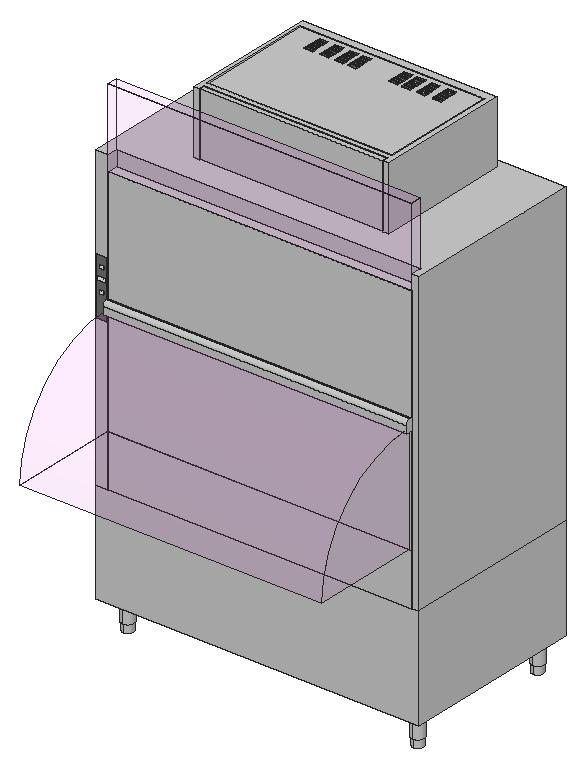
Revit family "Gi1005HCRC", category Equipement spécialisé, Revit 2023
Family settings
  Cote de connecteur circulaire = Utiliser le diamètre
  Type d'élément = Normal
  Numéro OmniClass = 23.40.40.14
  Titre OmniClass = Food Service Equipment
  Basée sur le plan de construction = Non
  Autoriser la découpe dans les vues = Non
  Toujours verticalement = Oui
  Couper avec des vides une fois chargée = Non
  Conserver l'orientation des annotations = Non
  Partagée = Non
  Repère de localisation dans la pièce = Non
Parameters (values of type "6G3171_AA")
  URL catalogo = "https://www.comenda.fr/pdf/docs/Gi/GAMME_GI_2023.pdf"
  URL = "www.comenda.fr"
  Tensione = 400 V
  Temperatura raccomandata per acqua calda = 50 °C
  Show Logo [instance] = yes
  Show Clearance [instance] = yes
  Protezione contro le sovracorrenti = 32 A
  Elévation par défaut = 0 mm
  Profondità = 900 mm
  Pressione minima acqua calda = 2000.0 Pa
  Potenza elettrica = 15000 W
  Peso netto = 270.00 kg
  Numero dei poli = 3
  Modèle = "Gi 1005 R RCD CRC"
  Fabricant = "COMENDA"
  Lunghezza = 1530 mm
  Frequenza = 50 Hz
  Fase = 3
  Diametro raccordo acqua calda = 3/4"
  Diametro dello scarico diretto di acqua = 1 3/8"
  Description = "THREE-PHASE FRONT LOADING POTWASHER  WITH RCD"
  Corrente di funzionamento normale = 23 A
  Assembly Code = ""
  Altezza dello scarico diretto acqua da pavimento finito = 145 mm
  Altezza da terra raccordo acqua calda = 175 mm
  Altezza allacciamento elettrico da pavimento finito = 135 mm
  Altezza = 2340 mm
Types (2, lengths in mm): name | Modèle | Description | Altezza
  6G3171_AA | "Gi 1005 R RCD CRC" | "THREE-PHASE FRONT LOADING POTWASHER  WITH RCD" | 2340
  6G3276_AA | "Gi 1005 H RCD CRC" | "THREE-PHASE FRONT LOADING POTWASHER WITH RCD" | 2295
Reference planes
  plane 1 "Back": y = 0
  plane 2: z = 0
  plane 3 "Left": x = -30
  plane 4 "Right": x = 1500
  plane 5 "Front": y = -900
  plane 6 "Top": z = 2340
  plane 7: z = 2340
Forms (mm)
  Revolve 1, solid
    sketch origin (60, 0, 0) x (0, 1, 0) y (0, 0, 1)
      loop
        line (-50, 135) -> (-80, 135) -> (-80, 0) -> (-55, 0) -> (-55, 40) -> (-50, 40) -> (-50, 135)
      axis (-80, 0) -> (-80, 135)
    angle from 0 to 360
  Revolve 2, solid
    sketch origin (60, -710, 0) x (0, 1, 0) y (0, 0, 1)
      loop
        line (-50, 135) -> (-80, 135) -> (-80, 0) -> (-55, 0) -> (-55, 40) -> (-50, 40) -> (-50, 135)
      axis (-80, 0) -> (-80, 135)
    angle from 0 to 360
  Revolve 3, solid
    sketch origin (1440, -8.5, 0) x (0, 1, 0) y (0, 0, 1)
      loop
        line (-50, 135) -> (-80, 135) -> (-80, 0) -> (-55, 0) -> (-55, 40) -> (-50, 40) -> (-50, 135)
      axis (-80, 0) -> (-80, 135)
    angle from 0 to 360
  Revolve 4, solid
    sketch origin (1440, -718.5, 0) x (0, 1, 0) y (0, 0, 1)
      loop
        line (-50, 135) -> (-80, 135) -> (-80, 0) -> (-55, 0) -> (-55, 40) -> (-50, 40) -> (-50, 135)
      axis (-80, 0) -> (-80, 135)
    angle from 0 to 360
  Extrusion 5, solid
    sketch origin (0, 0, 721.5) x (1, 0, 0) y (0, 1, 0)
      loop
        line (-30, 0) -> (-30, -870) -> (30, -870) -> (30, -820) -> (1470, -820) -> (1470, -870) -> (1500, -870) -> (1500, 0) -> (-30, 0)
    from -101 to 1318.5
  Extrusion 6, solid
    sketch origin (0, 0, 0) x (1, 0, 0) y (0, 1, 0)
      loop
        line (-30, 0) -> (-30, -870) -> (1500, -870) -> (1500, 0) -> (-30, 0)
    from 135 to 620
  Extrusion 7, solid
    sketch origin (289.25, 0, 0) x (0, 1, 0) y (0, 0, 1)
      loop
        line (-900, 1375) -> (-870, 1375) -> (-870, 1430) -> (-880, 1430)
        arc (-880, 1430) -> (-894.142, 1424.142) -> (-900, 1410) r 20
        line (-900, 1410) -> (-900, 1375)
    from -257.75 to 1179.25
  Extrusion 8, solid
    sketch origin (0, 0, 620.5) x (0, 1, 0) y (1, 0, 0)
      loop
        line (-870, 31.5) -> (-820, 31.5) -> (-820, 1468.5) -> (-870, 1468.5) -> (-870, 31.5)
    from 0 to -244
  Extrusion 9, solid
    sketch origin (0, 0, 911) x (1, 0, 0) y (0, 1, 0)
      loop
        line (31.5, -870) -> (1468.5, -870) -> (1468.5, -820) -> (31.5, -820) -> (31.5, -870)
    from -46 to 519
  Extrusion 10, solid
    sketch origin (0, 0, 1319) x (1, 0, 0) y (0, 1, 0)
      loop
        line (31.5, -870) -> (1468.5, -870) -> (1468.5, -820) -> (31.5, -820) -> (31.5, -870)
    from 111 to 651
  Extrusion 11, solid
    sketch origin (1470, -870, 710) x (0, 1, 0) y (0, 0, -1)
      loop
        line (0, -1260) -> (0, -1630) -> (50, -1630) -> (50, -1260) -> (0, -1260)
    from 0 to 1440
  Extrusion 12, solid
    sketch origin (-775, -868.2, 645.429) x (1, 0, 0) y (0, 0, 1)
      loop
        line (800, 954.969) -> (750, 954.969) -> (750, 684.969) -> (800, 684.969) -> (800, 954.969)
    from 0 to 2
  Extrusion 13, solid
    sketch origin (-1776.493, -868.4, 885.399) x (1, 0, 0) y (0, 0, 1)
      loop
        line (1795, 624) -> (1758, 624) -> (1758, 606) -> (1795, 606) -> (1795, 624)
      loop
        line (1784.5, 569.5) -> (1768.5, 569.5) -> (1768.5, 553.5) -> (1784.5, 553.5) -> (1784.5, 569.5)
      loop
        line (1784.5, 676.5) -> (1768.5, 676.5) -> (1768.5, 660.5) -> (1784.5, 660.5) -> (1784.5, 676.5)
    from 0 to 2
  Extrusion 14, void
    sketch origin (0, 0, 135) x (1, 0, 0) y (0, 1, 0)
      loop
        circle (130.011, -654.993) r 9.55
    from 0 to 40
  Extrusion 15, void
    sketch origin (0, 0, 135) x (1, 0, 0) y (0, 1, 0)
      loop
        circle (750, -610) r 17.5
    from 0 to 10
  Extrusion 16, solid
    sketch origin (0, 0, 135) x (0, 1, 0) y (1, 0, 0)
      loop
        circle (-848, 1415) r 4.875
    from 0 to 1
  Extrusion 17, solid
    sketch origin (-834.5, 120.033, 1991.5) x (1, 0, 0) y (0, 1, 0)
      loop
        line (1124.5, -165) -> (1124.5, -805) -> (1149.5, -805) -> (1149.5, -780) -> (2019.5, -780) -> (2019.5, -805) -> (2044.5, -805) -> (2044.5, -165) -> (1124.5, -165)
      loop
        line (2019.5, -755) -> (2019.5, -204.872) -> (1144.5, -204.872) -> (1144.5, -755) -> (2019.5, -755)
    from 48.5 to 348.5
  Extrusion 18, solid
    sketch origin (-834.5, 120.033, 1991.5) x (1, 0, 0) y (0, 1, 0)
      loop
        line (2017.5, -206.872) -> (1151.5, -206.872) -> (1151.5, -753) -> (2017.5, -753) -> (2017.5, -206.872)
    from 48.5 to 348.5
  Extrusion 19, solid
    sketch origin (1185, -659.967, 1991.5) x (-1, 0, 0) y (0, 0, -1)
      loop
        line (868, -348.5) -> (868, -50.5) -> (2, -50.5) -> (2, -348.5) -> (868, -348.5)
    from 0 to 25
  Extrusion 20, solid
    sketch origin (-834.5, 120.033, 2340) x (1, 0, 0) y (0, 1, 0)
      loop
        line (1260.948, -234.377) -> (1260.948, -244.376) -> (1300.948, -244.376) -> (1300.948, -234.377) -> (1260.948, -234.377)
      loop
        line (1260.948, -254.377) -> (1260.948, -264.377) -> (1300.948, -264.377) -> (1300.948, -254.377) -> (1260.948, -254.377)
      loop
        line (1260.948, -274.377) -> (1260.948, -284.377) -> (1300.948, -284.377) -> (1300.948, -274.377) -> (1260.948, -274.377)
      loop
        line (1260.948, -294.377) -> (1260.948, -304.377) -> (1300.948, -304.377) -> (1300.948, -294.377) -> (1260.948, -294.377)
      loop
        line (1260.948, -314.377) -> (1260.948, -324.377) -> (1300.948, -324.377) -> (1300.948, -314.377) -> (1260.948, -314.377)
      loop
        line (1335.948, -234.377) -> (1335.948, -244.376) -> (1375.948, -244.376) -> (1375.948, -234.377) -> (1335.948, -234.377)
      loop
        line (1335.948, -254.377) -> (1335.948, -264.377) -> (1375.948, -264.377) -> (1375.948, -254.377) -> (1335.948, -254.377)
      loop
        line (1335.948, -274.377) -> (1335.948, -284.377) -> (1375.948, -284.377) -> (1375.948, -274.377) -> (1335.948, -274.377)
      loop
        line (1335.948, -294.377) -> (1335.948, -304.377) -> (1375.948, -304.377) -> (1375.948, -294.377) -> (1335.948, -294.377)
      loop
        line (1335.948, -314.377) -> (1335.948, -324.377) -> (1375.948, -324.377) -> (1375.948, -314.377) -> (1335.948, -314.377)
      loop
        line (1405.948, -234.377) -> (1405.948, -244.376) -> (1445.948, -244.376) -> (1445.948, -234.377) -> (1405.948, -234.377)
      loop
        line (1405.948, -254.377) -> (1405.948, -264.377) -> (1445.948, -264.377) -> (1445.948, -254.377) -> (1405.948, -254.377)
      loop
        line (1405.948, -274.377) -> (1405.948, -284.377) -> (1445.948, -284.377) -> (1445.948, -274.377) -> (1405.948, -274.377)
      loop
        line (1405.948, -294.377) -> (1405.948, -304.377) -> (1445.948, -304.377) -> (1445.948, -294.377) -> (1405.948, -294.377)
      loop
        line (1405.948, -314.377) -> (1405.948, -324.377) -> (1445.948, -324.377) -> (1445.948, -314.377) -> (1405.948, -314.377)
      loop
        line (1466.948, -234.377) -> (1466.948, -244.376) -> (1506.948, -244.376) -> (1506.948, -234.377) -> (1466.948, -234.377)
      loop
        line (1466.948, -254.377) -> (1466.948, -264.377) -> (1506.948, -264.377) -> (1506.948, -254.377) -> (1466.948, -254.377)
      loop
        line (1466.948, -274.377) -> (1466.948, -284.377) -> (1506.948, -284.377) -> (1506.948, -274.377) -> (1466.948, -274.377)
      loop
        line (1466.948, -294.377) -> (1466.948, -304.377) -> (1506.948, -304.377) -> (1506.948, -294.377) -> (1466.948, -294.377)
      loop
        line (1466.948, -314.377) -> (1466.948, -324.377) -> (1506.948, -324.377) -> (1506.948, -314.377) -> (1466.948, -314.377)
      loop
        line (1908.148, -234.377) -> (1868.148, -234.377) -> (1868.148, -244.376) -> (1908.148, -244.376) -> (1908.148, -234.377)
      loop
        line (1908.148, -254.377) -> (1868.148, -254.377) -> (1868.148, -264.377) -> (1908.148, -264.377) -> (1908.148, -254.377)
      loop
        line (1908.148, -274.377) -> (1868.148, -274.377) -> (1868.148, -284.377) -> (1908.148, -284.377) -> (1908.148, -274.377)
      loop
        line (1908.148, -294.377) -> (1868.148, -294.377) -> (1868.148, -304.377) -> (1908.148, -304.377) -> (1908.148, -294.377)
      loop
        line (1908.148, -314.377) -> (1868.148, -314.377) -> (1868.148, -324.377) -> (1908.148, -324.377) -> (1908.148, -314.377)
      loop
        line (1833.148, -234.377) -> (1793.148, -234.377) -> (1793.148, -244.376) -> (1833.148, -244.376) -> (1833.148, -234.377)
      loop
        line (1833.148, -254.377) -> (1793.148, -254.377) -> (1793.148, -264.377) -> (1833.148, -264.377) -> (1833.148, -254.377)
      loop
        line (1833.148, -274.377) -> (1793.148, -274.377) -> (1793.148, -284.377) -> (1833.148, -284.377) -> (1833.148, -274.377)
      loop
        line (1833.148, -294.377) -> (1793.148, -294.377) -> (1793.148, -304.377) -> (1833.148, -304.377) -> (1833.148, -294.377)
      loop
        line (1833.148, -314.377) -> (1793.148, -314.377) -> (1793.148, -324.377) -> (1833.148, -324.377) -> (1833.148, -314.377)
      loop
        line (1763.148, -234.377) -> (1723.148, -234.377) -> (1723.148, -244.376) -> (1763.148, -244.376) -> (1763.148, -234.377)
      loop
        line (1763.148, -254.377) -> (1723.148, -254.377) -> (1723.148, -264.377) -> (1763.148, -264.377) -> (1763.148, -254.377)
      loop
        line (1763.148, -274.377) -> (1723.148, -274.377) -> (1723.148, -284.377) -> (1763.148, -284.377) -> (1763.148, -274.377)
      loop
        line (1763.148, -294.377) -> (1723.148, -294.377) -> (1723.148, -304.377) -> (1763.148, -304.377) -> (1763.148, -294.377)
      loop
        line (1763.148, -314.377) -> (1723.148, -314.377) -> (1723.148, -324.377) -> (1763.148, -324.377) -> (1763.148, -314.377)
      loop
        line (1702.148, -234.377) -> (1662.148, -234.377) -> (1662.148, -244.376) -> (1702.148, -244.376) -> (1702.148, -234.377)
      loop
        line (1702.148, -254.377) -> (1662.148, -254.377) -> (1662.148, -264.377) -> (1702.148, -264.377) -> (1702.148, -254.377)
      loop
        line (1702.148, -274.377) -> (1662.148, -274.377) -> (1662.148, -284.377) -> (1702.148, -284.377) -> (1702.148, -274.377)
      loop
        line (1702.148, -294.377) -> (1662.148, -294.377) -> (1662.148, -304.377) -> (1702.148, -304.377) -> (1702.148, -294.377)
      loop
        line (1702.148, -314.377) -> (1662.148, -314.377) -> (1662.148, -324.377) -> (1702.148, -324.377) -> (1702.148, -314.377)
    from 0 to 0.5
  Extrusion 21, solid
    sketch origin (-30, 0, 0) x (0, 1, 0) y (0, 0, 1)
      loop
        line (-870, 864.5) -> (-870, 1384.5)
        arc (-870, 1384.5) -> (-1237.696, 1232.196) -> (-1390, 864.5) r 520
        line (-1390, 864.5) -> (-870, 864.5)
    from 60 to 1490
Cuts and joins
  Extrusion 14, Extrusion 15 cuts Extrusion 5
  Extrusion 14, Extrusion 15 cuts Extrusion 6
  joined: Extrusion 5, Extrusion 6
Lines and regions (mm)
  symbolic lines, style "200-EquipBorder-2D"
    curve 1: line (-30, 0, 0) -> (1500, 0, 0)
    curve 2: line (-30, -870, 0) -> (-30, 0, 0)
    curve 3: line (1500, -870, 0) -> (-30, -870, 0)
    curve 4: line (1500, 0, 0) -> (1500, -870, 0)
    curve 11: line (30, -870, 0) -> (30, -900, 0)
    curve 12: line (30, -900, 0) -> (1468.5, -900, 0)
    curve 13: line (1468.5, -900, 0) -> (1468.5, -870, 0)
  symbolic lines, style "QF_Door-Drawer Clearances", visible <- "Show Clearance"
    curve 5: line (30, -870, 0) -> (30, -1277, 0)
    curve 6: line (1468.5, -1277, 0) -> (1468.5, -870, 0)
    curve 7: line (30, -1277, 0) -> (1468.5, -1277, 0)
  symbolic lines, style "200-EquipInternal-2D"
    curve 8: circle (817, -435, 0) r 150 normal (0, 0, 1)
    curve 9: line (30, -870, 0) -> (30, -820, 0)
    curve 10: line (30, -820, 0) -> (1468.5, -820, 0)
    curve 14: line (1468.5, -820, 0) -> (1468.5, -870, 0)
  symbolic lines, style "200-InsPoint-3D"
    curve 15: circle (-30, 0, 0) r 0.2 normal (0, 0, 1)
    curve 16: circle (1500, 0, 0) r 0.2 normal (0, 0, 1)
    curve 17: circle (-30, -870, 0) r 0.2 normal (0, 0, 1)
    curve 18: circle (1500, -870, 0) r 0.2 normal (0, 0, 1)
Dimensions and locks
  "Lunghezza": plane 3 "Left" to plane 4 "Right"
  "Profondità": plane 5 "Front" to plane 1 "Back"
  "Altezza": plane 6 "Top" to level
  cut or joined group of Extrusion 5, Extrusion 6, Extrusion 14, Extrusion 15 to Extrusion 10 = 70 mm
  plane 4 "Right" to plane 3 "Left" = 1530 mm
  plane 6 "Top" to level = 2340 mm
  locked: cut or joined group of Extrusion 5, Extrusion 6, Extrusion 14, Extrusion 15 to level at 135
  locked: cut or joined group of Extrusion 5, Extrusion 6, Extrusion 14, Extrusion 15 to level at 620
  locked: Extrusion 9 to level at 865
  locked: Extrusion 13 to level at 1491.399
  locked: Extrusion 13 to Extrusion 12 at 108.5
  Extrusion 17 sketch curve to Extrusion 17 sketch curve = 920 mm
  locked: Extrusion 17 sketch curve to Extrusion 17 sketch curve at 640
  locked: Extrusion 17 sketch curve to Extrusion 17 sketch curve at 25  (x3)
  Extrusion 17 sketch curve to Extrusion 17 sketch curve = 20 mm
  locked: plane 6 "Top" to Extrusion 10 at 910
  locked: plane 6 "Top" to cut or joined group of Extrusion 5, Extrusion 6, Extrusion 14, Extrusion 15 at 300
  locked: plane 6 "Top" to Extrusion 10 at 370
  "Altezza": plane 7 to level
  aligned and locked: level to plane 2
  aligned and locked: Extrusion 7 sketch curve to Extrusion 9
  aligned and locked: Extrusion 11 sketch curve to Extrusion 10  (x2)
  aligned and locked: cut or joined group of Extrusion 5, Extrusion 6, Extrusion 14, Extrusion 15 to Extrusion 11 sketch curve
  aligned and locked: Extrusion 11 to cut or joined group of Extrusion 5, Extrusion 6, Extrusion 14, Extrusion 15
  aligned and locked: Extrusion 8 sketch curve to Extrusion 9
  aligned and locked: Extrusion 7 to Extrusion 9
  aligned and locked: Extrusion 9 to Extrusion 7
  aligned and locked: Extrusion 17 to Extrusion 18  (x2)
  aligned and locked: Extrusion 19 to Extrusion 17  (x2)
  aligned and locked: plane 6 "Top" to Extrusion 19
  aligned and locked: plane 6 "Top" to Extrusion 17
  aligned and locked: Extrusion 17 to cut or joined group of Extrusion 5, Extrusion 6, Extrusion 14, Extrusion 15
  aligned and locked: Extrusion 10 to Extrusion 7
  aligned and locked: plane 6 "Top" to Extrusion 11
Automatic sketch dimensions
  Revolve 1 sketch curve to level = 0 mm
  plane 1 "Back" to Revolve 1 sketch curve = 80 mm
  Revolve 1 sketch curve to Revolve 1 sketch curve = 25 mm
  Revolve 1 sketch curve to Revolve 1 sketch curve = 5 mm
  level to Revolve 1 sketch curve = 40 mm
  Revolve 1 sketch curve to Revolve 1 sketch curve = 95 mm
  Revolve 1 sketch curve to Revolve 1 sketch curve = 0 mm
  Revolve 1 sketch curve to Revolve 1 sketch curve = 35 mm
  Revolve 1 sketch curve to Revolve 1 sketch curve = 15 mm
  Revolve 2 sketch curve to level = 0 mm
  plane 5 "Front" to Revolve 2 sketch curve = 110 mm
  Revolve 2 sketch curve to Revolve 2 sketch curve = 25 mm
  Revolve 2 sketch curve to Revolve 2 sketch curve = 5 mm
  level to Revolve 2 sketch curve = 40 mm
  Revolve 2 sketch curve to Revolve 2 sketch curve = 95 mm
  Revolve 2 sketch curve to Revolve 2 sketch curve = 0 mm
  Revolve 2 sketch curve to Revolve 2 sketch curve = 35 mm
  Revolve 2 sketch curve to Revolve 2 sketch curve = 15 mm
  Revolve 3 sketch curve to level = 0 mm
  plane 1 "Back" to Revolve 3 sketch curve = 88.5 mm
  Revolve 3 sketch curve to Revolve 3 sketch curve = 25 mm
  Revolve 3 sketch curve to Revolve 3 sketch curve = 5 mm
  level to Revolve 3 sketch curve = 40 mm
  Revolve 3 sketch curve to Revolve 3 sketch curve = 95 mm
  Revolve 3 sketch curve to Revolve 3 sketch curve = 0 mm
  Revolve 3 sketch curve to Revolve 3 sketch curve = 35 mm
  Revolve 3 sketch curve to Revolve 3 sketch curve = 15 mm
  Revolve 4 sketch curve to level = 0 mm
  plane 5 "Front" to Revolve 4 sketch curve = 101.5 mm
  Revolve 4 sketch curve to Revolve 4 sketch curve = 25 mm
  Revolve 4 sketch curve to Revolve 4 sketch curve = 5 mm
  level to Revolve 4 sketch curve = 40 mm
  Revolve 4 sketch curve to Revolve 4 sketch curve = 95 mm
  Revolve 4 sketch curve to Revolve 4 sketch curve = 0 mm
  Revolve 4 sketch curve to Revolve 4 sketch curve = 35 mm
  Revolve 4 sketch curve to Revolve 4 sketch curve = 15 mm
  plane 1 "Back" to Extrusion 5 sketch curve = 0 mm
  Extrusion 5 sketch curve to plane 3 "Left" = 0 mm
  Extrusion 5 sketch curve to plane 4 "Right" = 0 mm
  plane 3 "Left" to Extrusion 5 sketch curve = 60 mm
  plane 4 "Right" to Extrusion 5 sketch curve = 30 mm
  plane 5 "Front" to Extrusion 5 sketch curve = 80 mm
  plane 5 "Front" to Extrusion 5 sketch curve = 30 mm  (x2)
  Extrusion 6 sketch curve to plane 3 "Left" = 0 mm
  Extrusion 6 sketch curve to plane 4 "Right" = 0 mm
  plane 1 "Back" to Extrusion 6 sketch curve = 0 mm
  plane 5 "Front" to Extrusion 6 sketch curve = 30 mm
  Extrusion 7 sketch curve to plane 5 "Front" = 0 mm
  Extrusion 7 sketch curve to Extrusion 7 sketch curve = 20 mm
  Extrusion 7 sketch curve to Extrusion 7 sketch curve = 30 mm
  Extrusion 7 sketch curve to Extrusion 7 sketch curve = 35 mm
  Extrusion 8 sketch curve to Extrusion 5 = 0 mm  (x2)
  Extrusion 8 sketch curve to Extrusion 5 = 1.5 mm
  plane 3 "Left" to Extrusion 9 sketch curve = 61.5 mm
  plane 4 "Right" to Extrusion 9 sketch curve = 31.5 mm
  plane 5 "Front" to Extrusion 9 sketch curve = 30 mm
  Extrusion 9 sketch curve to Extrusion 9 sketch curve = 50 mm
  plane 3 "Left" to Extrusion 10 sketch curve = 61.5 mm
  plane 4 "Right" to Extrusion 10 sketch curve = 31.5 mm
  plane 5 "Front" to Extrusion 10 sketch curve = 30 mm
  Extrusion 10 sketch curve to Extrusion 10 sketch curve = 50 mm
  plane 3 "Left" to Extrusion 12 sketch curve = 5 mm
  Extrusion 12 sketch curve to Extrusion 12 sketch curve = 50 mm
  Extrusion 12 sketch curve to plane 6 "Top" = 1009.601 mm
  Extrusion 12 sketch curve to Extrusion 12 sketch curve = 270 mm
  plane 3 "Left" to Extrusion 13 sketch curve = 11.507 mm
  plane 3 "Left" to Extrusion 13 sketch curve = 22.007 mm  (x2)
  Extrusion 13 sketch curve to Extrusion 13 sketch curve = 16 mm  (x4)
  Extrusion 13 sketch curve to Extrusion 13 sketch curve = 37 mm
  Extrusion 13 sketch curve to plane 6 "Top" = 901.101 mm
  Extrusion 13 sketch curve to Extrusion 13 sketch curve = 36.5 mm  (x2)
  Extrusion 13 sketch curve to Extrusion 13 sketch curve = 18 mm
  Extrusion 6 to Extrusion 14 sketch curve = 160.011 mm
  Extrusion 6 to Extrusion 14 sketch curve = 215.007 mm
  Extrusion 6 to Extrusion 15 sketch curve = 260 mm
  Extrusion 6 to Extrusion 15 sketch curve = 750 mm
  Extrusion 6 to Extrusion 16 sketch curve = 22 mm
  Extrusion 6 to Extrusion 16 sketch curve = 85 mm
  plane 5 "Front" to Extrusion 17 sketch curve = 215.033 mm  (x2)
  plane 3 "Left" to Extrusion 17 sketch curve = 320 mm
  Extrusion 17 sketch curve to Extrusion 17 sketch curve = 0 mm
  Extrusion 17 sketch curve to Extrusion 17 sketch curve = 25 mm
  Extrusion 17 sketch curve to Extrusion 17 sketch curve = 39.872 mm
  plane 1 "Back" to Extrusion 18 sketch curve = 86.839 mm
  plane 3 "Left" to Extrusion 18 sketch curve = 347 mm
  plane 4 "Right" to Extrusion 18 sketch curve = 317 mm
  plane 5 "Front" to Extrusion 18 sketch curve = 267.033 mm
  Extrusion 19 sketch curve to Extrusion 17 = 2 mm
  Extrusion 17 to Extrusion 19 sketch curve = 2 mm  (x2)
  Extrusion 17 to Extrusion 19 sketch curve = 0 mm
  Extrusion 20 sketch curve to Extrusion 18 = 27.505 mm  (x5)
  Extrusion 20 sketch curve to Extrusion 18 = 109.448 mm
  Extrusion 20 sketch curve to Extrusion 20 sketch curve = 0 mm  (x58)
  Extrusion 20 sketch curve to Extrusion 20 sketch curve = 40 mm  (x10)
  Extrusion 20 sketch curve to Extrusion 20 sketch curve = 35 mm  (x4)
  Extrusion 20 sketch curve to Extrusion 20 sketch curve = 30 mm  (x4)
  Extrusion 20 sketch curve to Extrusion 20 sketch curve = 21 mm  (x4)
  Extrusion 20 sketch curve to Extrusion 20 sketch curve = 155.2 mm
  Extrusion 20 sketch curve to Extrusion 20 sketch curve = 10 mm  (x72)
  Extrusion 20 sketch curve to Extrusion 18 = 37.505 mm
  plane 6 "Top" to Extrusion 11 sketch curve = 0 mm
  curve 17 to plane 3 "Left" = 0 mm
  curve 2 to plane 3 "Left" = 0 mm
  plane 1 "Back" to curve 15 = 0 mm
  curve 15 to plane 3 "Left" = 0 mm
  curve 12 to plane 5 "Front" = 0 mm
  curve 4 to plane 4 "Right" = 0 mm
  plane 1 "Back" to curve 16 = 0 mm
  curve 16 to plane 4 "Right" = 0 mm
  curve 18 to plane 4 "Right" = 0 mm
  plane 1 "Back" to curve 2 = 0 mm
  plane 3 "Left" to curve 12 = 60 mm
  plane 3 "Left" to curve 5 = 60 mm
  curve 10 to curve 5 = 0 mm
  plane 4 "Right" to curve 8 = 683 mm
  plane 4 "Right" to curve 7 = 31.5 mm
  plane 4 "Right" to curve 10 = 31.5 mm
  curve 12 to curve 14 = 0 mm
  curve 5 to plane 5 "Front" = 377 mm
  plane 5 "Front" to curve 4 = 30 mm
  curve 18 to curve 3 = 0 mm
  curve 17 to curve 2 = 0 mm
  curve 6 to curve 10 = 50 mm
  plane 1 "Back" to curve 8 = 435 mm
  plane 5 "Front" to Extrusion 21 sketch curve = 30 mm
  level to Extrusion 21 sketch curve = 864.5 mm
  Extrusion 21 sketch curve to plane 5 "Front" = 490 mm
  Extrusion 21 sketch curve to Extrusion 21 sketch curve = 0 mm
  radius of Extrusion 14 sketch curve = 9.55 mm
  radius of Extrusion 15 sketch curve = 17.5 mm
  radius of Extrusion 16 sketch curve = 4.875 mm
  radius of curve 8 = 150 mm
  radius of curve 15 = 0.2 mm
  radius of curve 16 = 0.2 mm
  radius of curve 17 = 0.2 mm
  radius of curve 18 = 0.2 mm
Connectors
  electrical at (1415, -848, 135), driven by "Tensione", driven by "Potenza elettrica", driven by "Numero dei poli"
    settings: on Extrusion 16, index 1, voltage 400 V, apparent load 15000 VA, apparent load phase1 0 VA, apparent load phase2 0 VA, apparent load phase3 0 VA, power factor 1, load classification "Altro", number of poles 3, system type 30, power factor state 1, is connector primary yes, connector utility no, sub classification motor no, connector description "QF_ELECTRICAL_CONNECTION"
  piping at (750, -610, 145), diameter 34.925, driven by "Diametro dello scarico diretto di acqua"
    settings: on cut or joined group of Extrusion 5, Extrusion 6, Extrusion 14, Extrusion 15, index 2, connector inside diameter 24", connector length 0 mm, flow factor 0, pipe flow 0.0 L/s, pressure drop 0.0 Pa, fitting loss kfactor 0, connector angle 0.00°, fixture units 0, engagement length 0 mm, angle of deflection 0.00°, flow configuration 0, flow direction 2, fitting loss method 0, system type 16, joint type 0, gender type 0, connector reference index -1, connector utility 0, adjustable connector no, is connector primary yes, connector description "QF_DRAIN_CONNECTION"
  piping at (130.011, -654.993, 175), diameter 19.05, driven by "Diametro raccordo acqua calda"
    settings: on cut or joined group of Extrusion 5, Extrusion 6, Extrusion 14, Extrusion 15, index 3, connector inside diameter 24", connector length 0 mm, flow factor 0, pipe flow 0.0 L/s, pressure drop 0.0 Pa, fitting loss kfactor 0, connector angle 0.00°, fixture units 0, engagement length 0 mm, angle of deflection 0.00°, flow configuration 0, flow direction 1, fitting loss method 0, system type 19, joint type 0, gender type 0, connector reference index -1, connector utility 0, adjustable connector no, is connector primary no, connector description "QF_WATER_CONNECTION"
